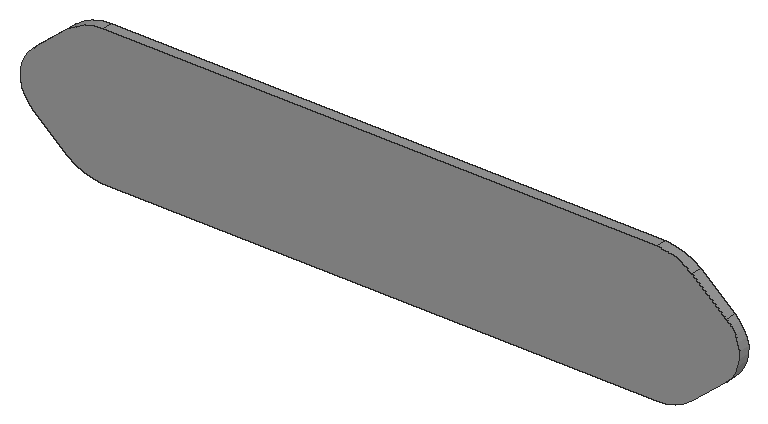
Revit family "Arrow Screen", category Furniture, Revit 2019
Family settings
  OmniClass Number = 23.40.20.00
  OmniClass Title = General Furniture and Specialties
  Work Plane-Based = No
  Always vertical = Yes
  Cut with Voids When Loaded = No
  Shared = No
  Room Calculation Point = No
Parameters (values of type "1970 x 380 High Screen")
  Width = 1970 mm
  URL = "www.gof.co.uk"
  Screen = GABRIEL Byron_14101
  Range = "SCREENS"
  Product Data Specification = "https://gof.co.uk/wp-content/uploads/2018/03/Mirage-Lite-Product-Specfication-Sheets.pdf"
  Product Code = "ML2004-6"
  Product Brochure = ""
  Model = "MIRAGE LITE"
  Manufacturer = "Gresham Office Furniture"  # constant formula
  Assembly Code = "E2020200"
Types (8, lengths in mm): name | Width | Product Code
  (no name) | 1970 | "ML2004-6"
  1970 x 380 High Screen | 1970 | "ML2004-6"
  1770 x 380 High Screen | 1770 | "ML1804-6"
  1570 x 380 High Screen | 1570 | "ML1604-6"
  1370 x 380 High Screen | 1370 | "ML1404-6"
  1170 x 380 High Screen | 1170 | "ML1204-6"
  970 x 380 High Screen | 970 | "ML1004-6"
  770 x 380 High Screen | 770 | "ML0804-6"
Reference planes
  plane 1 "Center (Front/Back)": y = 0
  plane 2: z = 0
  plane 3 "Center (Left/Right)": x = 0
  plane 4: x = 985
  plane 5: x = -985
  plane 6: z = 727
  plane 7: z = 1107
  plane 8: x = -492.5
  plane 9: x = 492.5
Forms (mm)
  Extrusion 1, solid, material "GABRIEL Byron_14101" <- "Screen"
    sketch origin (0, 0.307, 20) x (1, 0, 0) y (0, 0, 1)
      loop
        arc (-758.071, 1087) -> (-808.832, 1078.15) -> (-853.604, 1052.644) r 150
        line (-853.604, 1052.644) -> (-948.688, 974.096)
        arc (-948.688, 974.096) -> (-985, 897) -> (-948.688, 819.904) r 100
        line (-948.688, 819.904) -> (-853.604, 741.356)
        arc (-853.604, 741.356) -> (-808.832, 715.85) -> (-758.071, 707) r 150
        line (-758.071, 707) -> (758.071, 707)
        arc (758.071, 707) -> (808.832, 715.85) -> (853.604, 741.356) r 150
        line (853.604, 741.356) -> (948.688, 819.904)
        arc (948.688, 819.904) -> (985, 897) -> (948.688, 974.096) r 100
        line (948.688, 974.096) -> (853.604, 1052.644)
        arc (853.604, 1052.644) -> (808.832, 1078.15) -> (758.071, 1087) r 150
        line (758.071, 1087) -> (-758.071, 1087)
    from -14.693 to 15.307
Dimensions and locks
  "Width": plane 5 to plane 4
  equal spacing: plane 5, plane 3 "Center (Left/Right)", plane 4
  locked: plane 6 to level at 727
  equal spacing: Extrusion 1, plane 1 "Center (Front/Back)", Extrusion 1
  locked: Extrusion 1 to Extrusion 1 at 30
  locked: plane 7 to plane 6 at 380
  equal spacing: plane 3 "Center (Left/Right)", plane 8, plane 5
  equal spacing: plane 4, plane 9, plane 3 "Center (Left/Right)"
  plane 4 to Extrusion 1 sketch curve = 226.929 mm
  radius of Extrusion 1 sketch curve = 100 mm  (x2)
  aligned and locked: level to plane 2
Automatic sketch dimensions
  Extrusion 1 sketch curve to plane 6 = 0 mm
  Extrusion 1 sketch curve to plane 7 = 0 mm
  plane 5 to Extrusion 1 sketch curve = 226.929 mm
  Extrusion 1 sketch curve to Extrusion 1 sketch curve = 0 mm
  plane 7 to Extrusion 1 sketch curve = 34.356 mm  (x2)
  Extrusion 1 sketch curve to Extrusion 1 sketch curve = 95.532 mm  (x4)
  plane 6 to Extrusion 1 sketch curve = 34.356 mm  (x2)
  plane 5 to Extrusion 1 sketch curve = 100 mm
  plane 5 to Extrusion 1 sketch curve = 36.312 mm  (x2)
  Extrusion 1 sketch curve to plane 4 = 226.929 mm
  Extrusion 1 sketch curve to plane 4 = 100 mm
  Extrusion 1 sketch curve to plane 4 = 36.312 mm  (x2)
  plane 6 to Extrusion 1 sketch curve = 112.904 mm  (x2)
